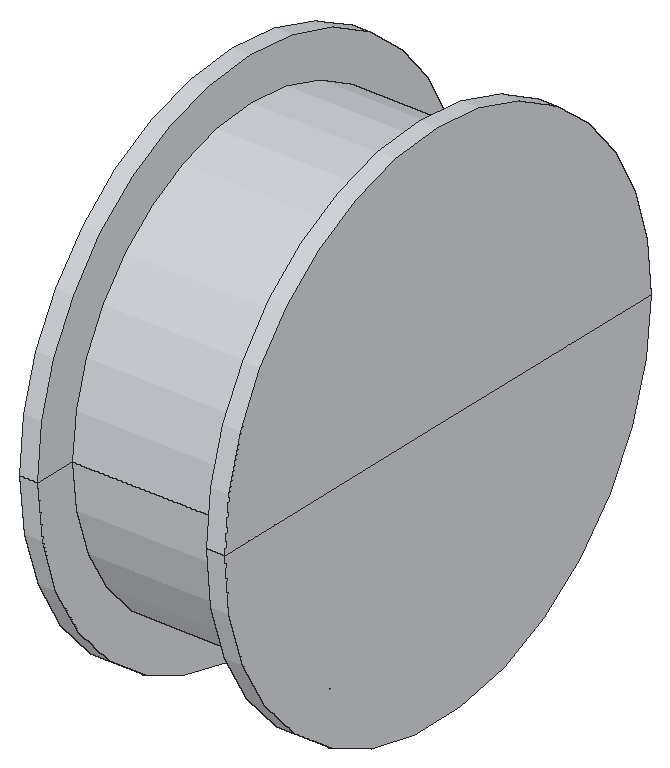
Revit family "2f2fb7ce374649528ee1fa6d7e8435c0", category Pipe Fittings, Revit 2021
Family settings
  Round Connector Dimension = Use Radius
  Part Type = Union
  OmniClass Number = 23.60.30.11.14
  OmniClass Title = Pipework Fittings
  Seek Item ID = Coupling - Generic-0000-USA-ENU
  Work Plane-Based = No
  Always vertical = Yes
  Cut with Voids When Loaded = No
  Shared = No
Parameters (values of type "Standard")
  Tick Size [instance] = Socket Outside Diameter * 0.4  # 13.1280"
  Socket Outside Radius [instance] = Socket Outside Diameter / 2  # 16.4100"
  Socket Outside Diameter [instance] = size_lookup(Lookup Table Name, "SOD", 1.08 * Nominal Diameter + 1.1200", Nominal Diameter)  # 32.8200"
  Nominal Radius [instance] = 15.0000"
  Nominal Diameter [instance] = Nominal Radius * 2  # 30.0000"
  Loss Method = K Coefficient from Table
  Lookup Table Name = "Sleeve Short Solid Compact - MJ - DI - Class 250"
  Length Not Found [instance] = if(Nominal Diameter < 14.0000", 7.5000", if(Nominal Diameter < 30.0000", 9.5000", 15.0000"))  # 15.0000"
  Length [instance] = size_lookup(Lookup Table Name, "Lgt", Length Not Found, Nominal Diameter)  # 15.0000"
  K Coefficient Table = "Reducer/Coupling/Union/Increaser"
  Gland Width [instance] = size_lookup(Lookup Table Name, "GWid", 0.03 * Nominal Diameter + 0.9400", Nominal Diameter)  # 1.3100"
  Gland Outside Radius [instance] = Gland Outside Diameter / 2  # 19.5600"
  Gland Outside Diameter [instance] = size_lookup(Lookup Table Name, "GOD", 1.16 * Nominal Diameter + 4.0300", Nominal Diameter)  # 39.1200"
  Default Elevation = 0.0000"
Reference planes (in)
  plane 1 "Center (Front/Back)": y = 0
  plane 2: z = 0
  plane 3 "Center (Left/Right)": x = 0
  plane 4: x = -7.5
  plane 5: x = 7.5
  plane 6: y = 13.128
  plane 7: y = -13.128
  plane 8: y = 16.41
  plane 9: y = 19.56
  plane 10: x = -6.19
  plane 11: x = 6.19
Forms (in)
  Revolve 1, solid, detail levels fine
    sketch origin (0, 0, 0) x (1, 0, 0) y (0, 1, 0)
      loop
        line (-7.5, 0) -> (7.5, 0) -> (7.5, 19.56) -> (6.19, 19.56) -> (6.19, 16.41) -> (-6.19, 16.41) -> (-6.19, 19.56) -> (-7.5, 19.56) -> (-7.5, 0)
      axis (-7.5, 0) -> (7.5, 0)
    angle from 0 to 360
Lines and regions (in)
  model lines, detail levels coarse+medium
    curve 1: line (-7.5, 0, 0) -> (7.5, 0, 0)
    curve 2: line (-7.5, 13.128, 0) -> (-7.5, -13.128, 0)
    curve 3: line (7.5, 13.128, 0) -> (7.5, -13.128, 0)
Dimensions and locks (in)
  equal spacing: plane 4, plane 3 "Center (Left/Right)", plane 5
  "Length": plane 4 to plane 5
  "Tick Size": plane 6 to plane 1 "Center (Front/Back)"
  "Tick Size": plane 7 to plane 1 "Center (Front/Back)"
  "Socket Outside Radius": plane 8 to plane 1 "Center (Front/Back)"
  "Gland Outside Radius": plane 9 to plane 1 "Center (Front/Back)"
  "Gland Width": plane 4 to plane 10
  "Gland Width": plane 11 to plane 5
  aligned and locked: plane 6 to curve 2
  aligned and locked: plane 7 to curve 2
  aligned and locked: curve 2 to plane 4
  aligned and locked: plane 6 to curve 3
  aligned and locked: plane 7 to curve 3
  aligned and locked: plane 5 to curve 3
  aligned and locked: plane 4 to curve 1
  aligned and locked: plane 5 to curve 1
  aligned and locked: plane 1 "Center (Front/Back)" to curve 1
  aligned and locked: plane 1 "Center (Front/Back)" to Revolve 1 sketch curve
  aligned and locked: plane 5 to Revolve 1 sketch curve
  aligned and locked: plane 11 to Revolve 1 sketch curve
  aligned and locked: Revolve 1 sketch curve to plane 9  (x2)
  aligned and locked: Revolve 1 sketch curve to plane 8
  aligned and locked: Revolve 1 sketch curve to plane 10
  aligned and locked: plane 4 to Revolve 1 sketch curve
  aligned and locked: Revolve 1 sketch curve to Revolve 1 sketch curve
Automatic sketch dimensions
  Revolve 1 sketch curve to plane 4 = 4.7500"
  Revolve 1 sketch curve to Revolve 1 sketch curve = 6.7500"
Connectors (in)
  piping at (-7.5, 0, 0), diameter 30, driven by "Nominal Radius"
    settings: on Revolve 1, index 1, connector inside diameter 30.0000", connector length 0.0000", flow factor 0, pipe flow 0 GPM, pressure drop 0.00 psi, fitting loss kfactor 0, connector angle 0.00°, fixture units 0, engagement length 0.0000", angle of deflection 0.00°, flow configuration 0, flow direction 0, fitting loss method 0, system type 28, joint type 0, gender type 0, connector reference index 2, connector utility 0, adjustable connector no, is connector primary yes, connector description ""
  piping at (7.5, 0, 0), diameter 30, driven by "Nominal Radius"
    settings: on Revolve 1, index 2, connector inside diameter 30.0000", connector length 0.0000", flow factor 0, pipe flow 0 GPM, pressure drop 0.00 psi, fitting loss kfactor 0, connector angle 0.00°, fixture units 0, engagement length 0.0000", angle of deflection 0.00°, flow configuration 0, flow direction 0, fitting loss method 0, system type 28, joint type 0, gender type 0, connector reference index 1, connector utility 0, adjustable connector no, is connector primary no, connector description ""
